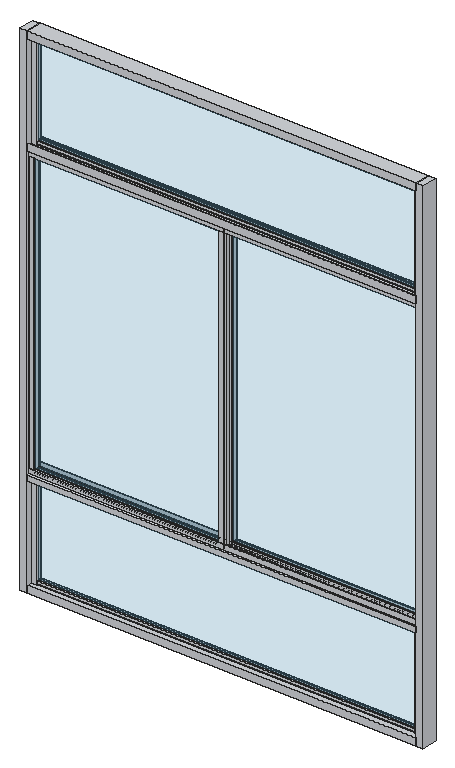
Revit family "MT-VMS_DB-SG_OX WITH HIGHTLITE-LOWLITE", category Windows, host Wall, Revit 2017 (continued)
Definition of nested family "VMS_DB-SG_OX_LOWLITE-HIGHLITE_101mm"
  Definition of nested family "VMS_DB-SG_GLAZED PANEL"
    Definition of nested family "VMS_VM66_SILL DETAIL_FINE"
      Lines and regions (mm)
        model lines, in view "Ref. Level"
          curve 82: line (11.948, 2.776, 0) -> (14.948, 2.776, 0)
          curve 83: line (14.948, 2.776, 0) -> (14.948, 2.4, 0)
          curve 84: line (15.248, 2.1, 0) -> (16.448, 2.1, 0)
          curve 85: line (16.448, 2.1, 0) -> (16.448, 0.8, 0)
          curve 86: line (16.448, 0.8, 0) -> (15.348, 0.8, 0)
          curve 87: line (15.348, 0, 0) -> (19.208, 0, 0)
          curve 88: line (19.508, 0.3, 0) -> (19.508, 0.9, 0)
          curve 89: line (19.208, 1.2, 0) -> (17.808, 1.2, 0)
          curve 90: line (17.508, 1.5, 0) -> (17.508, 3, 0)
          curve 91: line (17.208, 3.3, 0) -> (16.724, 3.3, 0)
          curve 92: line (16.424, 3.6, 0) -> (16.424, 4.7, 0)
          curve 93: line (16.724, 5, 0) -> (23.3, 5, 0)
          curve 94: line (23.6, 4.7, 0) -> (23.6, 0.3, 0)
          curve 95: line (23.9, 0, 0) -> (26.4, 0, 0)
          curve 96: line (26.9, 0.5, 0) -> (26.9, 2.1, 0)
          curve 97: line (26.1, 2.1, 0) -> (26.1, 1.2, 0)
          curve 98: line (26.1, 1.2, 0) -> (24.8, 1.2, 0)
          curve 99: line (24.8, 1.2, 0) -> (24.8, 6.8, 0)
          curve 100: line (24.8, 6.8, 0) -> (26.1, 6.8, 0)
          curve 101: line (26.1, 6.8, 0) -> (26.1, 5.9, 0)
          curve 102: line (26.9, 5.9, 0) -> (26.9, 13.679, 0)
          curve 103: line (26.9, 25.735, 0) -> (26.9, 27.112, 0)
          curve 104: line (26.1, 27.912, 0) -> (24.161, 27.912, 0)
          curve 105: line (23.779, 27.632, 0) -> (23.477, 26.672, 0)
          curve 106: line (23.667, 26.412, 0) -> (24.011, 26.412, 0)
          curve 107: line (24.169, 26.09, 0) -> (23.509, 25.234, 0)
          curve 108: line (23.667, 24.912, 0) -> (24.011, 24.912, 0)
          curve 109: line (24.169, 24.59, 0) -> (23.509, 23.734, 0)
          curve 110: line (23.667, 23.412, 0) -> (24.011, 23.412, 0)
          curve 111: line (24.169, 23.09, 0) -> (23.509, 22.234, 0)
          curve 112: line (23.667, 21.912, 0) -> (23.924, 21.912, 0)
          curve 113: line (24.831, 13.912, 0) -> (14.116, 13.912, 0)
          curve 114: line (13.833, 13.795, 0) -> (13.45, 13.412, 0)
          curve 115: line (13.45, 13.412, 0) -> (13.067, 13.795, 0)
          curve 116: line (12.784, 13.912, 0) -> (2.069, 13.912, 0)
          curve 117: line (2.976, 21.912, 0) -> (3.233, 21.912, 0)
          curve 118: line (3.391, 22.234, 0) -> (2.731, 23.09, 0)
          curve 119: line (2.889, 23.412, 0) -> (3.233, 23.412, 0)
          curve 120: line (3.391, 23.734, 0) -> (2.731, 24.59, 0)
          curve 121: line (2.889, 24.912, 0) -> (3.233, 24.912, 0)
          curve 122: line (3.391, 25.234, 0) -> (2.731, 26.09, 0)
          curve 123: line (2.889, 26.412, 0) -> (3.233, 26.412, 0)
          curve 124: line (3.423, 26.672, 0) -> (3.121, 27.632, 0)
          curve 125: line (2.739, 27.912, 0) -> (0.8, 27.912, 0)
          curve 126: line (0, 27.112, 0) -> (0, 25.735, 0)
          curve 127: line (0, 13.679, 0) -> (0, 5.9, 0)
          curve 128: line (0.8, 5.9, 0) -> (0.8, 6.8, 0)
          curve 129: line (0.8, 6.8, 0) -> (2.1, 6.8, 0)
          curve 130: line (2.1, 6.8, 0) -> (2.1, 1.2, 0)
          curve 131: line (2.1, 1.2, 0) -> (0.8, 1.2, 0)
          curve 132: line (0.8, 1.2, 0) -> (0.8, 2.1, 0)
          curve 133: line (0, 2.1, 0) -> (0, 0.5, 0)
          curve 134: line (0.5, 0, 0) -> (3, 0, 0)
          curve 135: line (3.3, 0.3, 0) -> (3.3, 4.7, 0)
          curve 136: line (3.6, 5, 0) -> (10.176, 5, 0)
          curve 137: line (10.476, 4.7, 0) -> (10.476, 3.6, 0)
          curve 138: line (10.176, 3.3, 0) -> (9.692, 3.3, 0)
          curve 139: line (9.392, 3, 0) -> (9.392, 1.5, 0)
          curve 140: line (9.092, 1.2, 0) -> (7.692, 1.2, 0)
          curve 141: line (7.392, 0.9, 0) -> (7.392, 0.3, 0)
          curve 142: line (7.692, 0, 0) -> (11.548, 0, 0)
          curve 143: line (13.065, 4.124, 0) -> (12.513, 3.976, 0)
          curve 144: line (12.513, 3.976, 0) -> (12.365, 4.529, 0)
          curve 145: line (11.996, 5.14, 0) -> (11.576, 5.6, 0)
          curve 146: line (11.576, 5.6, 0) -> (11.996, 6.06, 0)
          curve 147: line (11.992, 7.426, 0) -> (11.154, 7.426, 0)
          curve 148: line (10.261, 6.2, 0) -> (3.6, 6.2, 0)
          curve 149: line (3.3, 6.5, 0) -> (3.3, 8, 0)
          curve 150: line (3.1, 8.2, 0) -> (1.4, 8.2, 0)
          curve 151: line (1.2, 8.4, 0) -> (1.2, 12.312, 0)
          curve 152: line (1.4, 12.512, 0) -> (25.5, 12.512, 0)
          curve 153: line (25.7, 12.312, 0) -> (25.7, 8.4, 0)
          curve 154: line (25.5, 8.2, 0) -> (23.8, 8.2, 0)
          curve 155: line (23.6, 8, 0) -> (23.6, 6.5, 0)
          curve 156: line (23.3, 6.2, 0) -> (16.639, 6.2, 0)
          curve 157: line (15.746, 7.426, 0) -> (14.908, 7.426, 0)
          curve 158: line (14.904, 6.06, 0) -> (15.324, 5.6, 0)
          curve 159: line (15.324, 5.6, 0) -> (14.904, 5.14, 0)
          curve 160: line (14.535, 4.529, 0) -> (14.387, 3.976, 0)
          curve 161: line (14.387, 3.976, 0) -> (13.835, 4.124, 0)
    Definition of nested family "VMS_VM66_SILL DETAIL_MEDIUM"
      Reference planes
        plane 1 "Center (Front/Back)": y = 0
        plane 2: z = 0
        plane 3 "Center (Left/Right)": x = 0
      Lines and regions (mm)
        model lines, in view "Ref. Level"
          curve 1: line (1.2, 5, 0) -> (25.7, 5, 0)
          curve 2: line (0, 0, 0) -> (26.9, 0, 0)
          curve 3: line (25.7, 1.2, 0) -> (1.2, 1.2, 0)
          curve 4: line (26.9, 0, 0) -> (26.9, 27.912, 0)
          curve 5: line (26.9, 27.912, 0) -> (25.7, 27.912, 0)
          curve 6: line (25.7, 13.912, 0) -> (1.2, 13.912, 0)
          curve 7: line (1.2, 27.912, 0) -> (0, 27.912, 0)
          curve 8: line (0, 27.112, 0) -> (0, 25.735, 0)
          curve 9: line (0, 27.912, 0) -> (0, 0, 0)
          curve 10: line (1.2, 1.2, 0) -> (1.2, 5, 0)
          curve 11: line (1.2, 12.512, 0) -> (25.7, 12.512, 0)
          curve 12: line (25.7, 27.912, 0) -> (25.7, 13.912, 0)
          curve 13: line (25.7, 6.2, 0) -> (1.2, 6.2, 0)
          curve 14: line (1.2, 13.912, 0) -> (1.2, 27.912, 0)
          curve 15: line (25.7, 12.512, 0) -> (25.7, 6.2, 0)
          curve 16: line (25.7, 5, 0) -> (25.7, 1.2, 0)
          curve 17: line (1.2, 6.2, 0) -> (1.2, 12.512, 0)
  Definition of nested family "VMS_VM11_SILL DETAIL_FINE"
    Reference planes
      plane 1 "Center (Front/Back)": y = 0
      plane 2: z = 0
      plane 3 "Center (Left/Right)": x = 0
    Lines and regions (mm)
      model lines, in view "Ref. Level"
        curve 1: arc (-6.776, -5.512, 0) -> (-6.841, -5.609, 0) -> (-6.864, -5.724, 0) r 0.3
        curve 2: arc (-5.466, -8.225, 0) -> (-5.192, -8.5, 0) -> (-4.817, -8.6, 0) r 0.75
        curve 3: arc (-4.817, -8.6, 0) -> (-4.167, -8.225, 0) -> (-4.167, -7.475, 0) r 0.75
        curve 4: arc (-4.864, -2.2, 0) -> (-4.571, -1.493, 0) -> (-3.864, -1.2, 0) r 1
        curve 5: arc (5.464, -1.2, 0) -> (6.171, -1.493, 0) -> (6.464, -2.2, 0) r 1
        curve 6: arc (5.767, -7.475, 0) -> (5.767, -8.225, 0) -> (6.417, -8.6, 0) r 0.75
        curve 7: arc (6.417, -8.6, 0) -> (6.792, -8.5, 0) -> (7.066, -8.225, 0) r 0.75
        curve 8: arc (8.464, -5.724, 0) -> (8.441, -5.609, 0) -> (8.376, -5.512, 0) r 0.3
        curve 9: arc (8.864, -2.1, 0) -> (8.951, -2.312, 0) -> (9.164, -2.4, 0) r 0.3
        curve 10: arc (9.55, -2.4, 0) -> (9.904, -2.254, 0) -> (10.05, -1.9, 0) r 0.5
        curve 11: arc (33.2, 0, 0) -> (33.412, 0.088, 0) -> (33.5, 0.3, 0) r 0.3
        curve 12: arc (33.5, 29.412, 0) -> (33.412, 29.624, 0) -> (33.2, 29.712, 0) r 0.3
        curve 13: arc (31.8, 29.712, 0) -> (31.588, 29.624, 0) -> (31.5, 29.412, 0) r 0.3
        curve 14: arc (31.5, 2.1, 0) -> (31.412, 1.888, 0) -> (31.2, 1.8, 0) r 0.3
        curve 15: arc (8.85, 1.8, 0) -> (8.638, 1.712, 0) -> (8.55, 1.5, 0) r 0.3
        curve 16: arc (8.55, 0.3, 0) -> (8.462, 0.088, 0) -> (8.25, 0, 0) r 0.3
        curve 17: arc (1.9, 0, 0) -> (1.688, 0.088, 0) -> (1.6, 0.3, 0) r 0.3
        curve 18: arc (1.6, 29.412, 0) -> (1.512, 29.624, 0) -> (1.3, 29.712, 0) r 0.3
        curve 19: arc (0.3, 29.712, 0) -> (0.088, 29.624, 0) -> (0, 29.412, 0) r 0.3
        curve 20: arc (0, 0.3, 0) -> (-0.088, 0.088, 0) -> (-0.3, 0, 0) r 0.3
        curve 21: arc (-8.15, 0, 0) -> (-8.362, -0.088, 0) -> (-8.45, -0.3, 0) r 0.3
        curve 22: arc (-8.45, -1.9, 0) -> (-8.304, -2.254, 0) -> (-7.95, -2.4, 0) r 0.5
        curve 23: arc (-7.564, -2.4, 0) -> (-7.351, -2.312, 0) -> (-7.264, -2.1, 0) r 0.3
        curve 24: line (-7.264, -2.1, 0) -> (-7.264, -1.5, 0)
        curve 25: line (-7.264, -1.5, 0) -> (-6.364, -1.5, 0)
        curve 26: line (-6.364, -1.5, 0) -> (-6.364, -5.1, 0)
        curve 27: line (-6.364, -5.1, 0) -> (-6.776, -5.512, 0)
        curve 28: line (-6.823, -5.874, 0) -> (-5.466, -8.225, 0)
        curve 29: line (-4.167, -7.475, 0) -> (-4.864, -6.269, 0)
        curve 30: line (-4.864, -6.269, 0) -> (-4.864, -2.2, 0)
        curve 31: line (-3.864, -1.2, 0) -> (5.464, -1.2, 0)
        curve 32: line (6.464, -2.2, 0) -> (6.464, -6.269, 0)
        curve 33: line (6.464, -6.269, 0) -> (5.767, -7.475, 0)
        curve 34: line (7.066, -8.225, 0) -> (8.423, -5.874, 0)
        curve 35: line (8.376, -5.512, 0) -> (7.964, -5.1, 0)
        curve 36: line (7.964, -5.1, 0) -> (7.964, -1.2, 0)
        curve 37: line (7.964, -1.2, 0) -> (8.864, -1.2, 0)
        curve 38: line (8.864, -1.2, 0) -> (8.864, -2.1, 0)
        curve 39: line (9.164, -2.4, 0) -> (9.55, -2.4, 0)
        curve 40: line (10.05, -1.9, 0) -> (10.05, 0, 0)
        curve 41: line (10.05, 0, 0) -> (33.2, 0, 0)
        curve 42: line (33.5, 0.3, 0) -> (33.5, 29.412, 0)
        curve 43: line (33.2, 29.712, 0) -> (31.8, 29.712, 0)
        curve 44: line (31.5, 29.412, 0) -> (31.5, 2.1, 0)
        curve 45: line (31.2, 1.8, 0) -> (8.85, 1.8, 0)
        curve 46: line (8.55, 1.5, 0) -> (8.55, 0.3, 0)
        curve 47: line (8.25, 0, 0) -> (1.9, 0, 0)
        curve 48: line (1.6, 0.3, 0) -> (1.6, 29.412, 0)
        curve 49: line (1.3, 29.712, 0) -> (0.3, 29.712, 0)
        curve 50: line (0, 29.412, 0) -> (0, 0.3, 0)
        curve 51: line (-0.3, 0, 0) -> (-8.15, 0, 0)
        curve 52: line (-8.45, -0.3, 0) -> (-8.45, -1.9, 0)
        curve 53: line (-7.95, -2.4, 0) -> (-7.564, -2.4, 0)
  Definition of nested family "MAIN FRAME 101.6MM_MEDIUM"
    Reference planes
      plane 1 "Center (Front/Back)": y = 0
      plane 2: z = 0
      plane 3 "Center (Left/Right)": x = 0
    Lines and regions (mm)
      detail lines, in view "Ref. Level"
        curve 1: line (0, 0, 0) -> (45, 0, 0)
        curve 2: line (45, 0, 0) -> (45, -101.6, 0)
        curve 3: line (45, -101.6, 0) -> (0, -101.6, 0)
        curve 4: line (0, 0, 0) -> (0, -1.8, 0)
        curve 5: line (0, -1.8, 0) -> (43.2, -1.8, 0)
        curve 6: line (43.2, -99.8, 0) -> (43.2, -1.8, 0)
        curve 7: line (0, -99.8, 0) -> (43.2, -99.8, 0)
        curve 8: line (0, -99.8, 0) -> (0, -101.6, 0)
  Definition of nested family "AS1C CAVITY MAIN FRAME"
    Reference planes
      plane 1 "Center (Front/Back)": y = 0
      plane 2: z = 0
      plane 3 "Center (Left/Right)": x = 0
    Lines and regions (mm)
      model lines, in view "Ref. Level"
        curve 1: arc (-2.984, -11.197, 0) -> (-3.4, -10.881, 0) -> (-3.881, -10.679, 0) r 2.1
        curve 2: arc (-3.881, -10.679, 0) -> (-3.998, -10.629, 0) -> (-4.099, -10.551, 0) r 0.5
        curve 3: arc (-4.801, -10.551, 0) -> (-4.902, -10.629, 0) -> (-5.019, -10.679, 0) r 0.5
        curve 4: arc (-5.019, -10.679, 0) -> (-5.414, -10.834, 0) -> (-5.769, -11.066, 0) r 2.1
        curve 5: arc (-5.769, -11.066, 0) -> (-6.765, -11.183, 0) -> (-7.3, -10.335, 0) r 0.94
        curve 6: arc (-7.3, -10.05, 0) -> (-6.949, -9.201, 0) -> (-6.1, -8.85, 0) r 1.2
        curve 7: arc (-3.1, -8.85, 0) -> (-2.534, -8.616, 0) -> (-2.3, -8.05, 0) r 0.8
        curve 8: arc (-2.3, -3.3, 0) -> (-2.739, -2.239, 0) -> (-3.8, -1.8, 0) r 1.5
        curve 9: arc (-39.7, -1.8, 0) -> (-40.761, -2.239, 0) -> (-41.2, -3.3, 0) r 1.5
        curve 10: arc (-41.2, -8, 0) -> (-41.95, -8.75, 0) -> (-42.7, -8, 0) r 0.75
        curve 11: arc (-44.148, -5.393, 0) -> (-44.322, -5.359, 0) -> (-44.4, -5.2, 0) r 0.2
        curve 12: arc (-4.496, -43.536, 0) -> (-4.895, -43.42, 0) -> (-4.976, -43.013, 0) r 0.4
        curve 13: arc (-3.605, -39.246, 0) -> (-3.686, -38.839, 0) -> (-4.084, -38.723, 0) r 0.4
        curve 14: arc (-10.184, -40.357, 0) -> (-10.372, -40.509, 0) -> (-10.388, -40.75, 0) r 0.3
        curve 15: arc (-9.572, -42.992, 0) -> (-9.628, -43.369, 0) -> (-9.974, -43.528, 0) r 0.4
        curve 16: arc (-10.966, -43.462, 0) -> (-11.63, -43.147, 0) -> (-11.9, -42.464, 0) r 1
        curve 17: arc (-11.9, -41.208, 0) -> (-12.017, -40.97, 0) -> (-12.278, -40.918, 0) r 0.3
        curve 18: arc (-15.8, -44.396, 0) -> (-16.2, -44.396, 0) -> (-16.4, -44.05, 0) r 0.4
        curve 19: arc (-19.3, -50.043, 0) -> (-19.338, -50.234, 0) -> (-19.446, -50.396, 0) r 0.5
        curve 20: arc (-19.446, -51.204, 0) -> (-19.338, -51.366, 0) -> (-19.3, -51.557, 0) r 0.5
        curve 21: arc (-16.4, -57.55, 0) -> (-16.2, -57.204, 0) -> (-15.8, -57.204, 0) r 0.4
        curve 22: arc (-12.278, -60.682, 0) -> (-12.017, -60.63, 0) -> (-11.9, -60.392, 0) r 0.3
        curve 23: arc (-11.9, -59.136, 0) -> (-11.63, -58.453, 0) -> (-10.966, -58.138, 0) r 1
        curve 24: arc (-9.974, -58.072, 0) -> (-9.628, -58.231, 0) -> (-9.572, -58.608, 0) r 0.4
        curve 25: arc (-10.388, -60.85, 0) -> (-10.372, -61.091, 0) -> (-10.184, -61.243, 0) r 0.3
        curve 26: arc (-4.084, -62.877, 0) -> (-3.686, -62.761, 0) -> (-3.605, -62.354, 0) r 0.4
        curve 27: arc (-4.976, -58.587, 0) -> (-4.895, -58.18, 0) -> (-4.496, -58.064, 0) r 0.4
        curve 28: arc (-44.4, -96.4, 0) -> (-44.322, -96.241, 0) -> (-44.148, -96.207, 0) r 0.2
        curve 29: arc (-42.7, -93.6, 0) -> (-41.95, -92.85, 0) -> (-41.2, -93.6, 0) r 0.75
        curve 30: arc (-41.2, -98.3, 0) -> (-40.761, -99.361, 0) -> (-39.7, -99.8, 0) r 1.5
        curve 31: arc (-3.8, -99.8, 0) -> (-2.739, -99.361, 0) -> (-2.3, -98.3, 0) r 1.5
        curve 32: arc (-2.3, -93.15, 0) -> (-2.417, -92.867, 0) -> (-2.7, -92.75, 0) r 0.4
        curve 33: arc (-6.1, -92.75, 0) -> (-6.949, -92.399, 0) -> (-7.3, -91.55, 0) r 1.2
        curve 34: arc (-7.3, -91.265, 0) -> (-6.765, -90.417, 0) -> (-5.769, -90.534, 0) r 0.94
        curve 35: arc (-5.769, -90.534, 0) -> (-5.414, -90.766, 0) -> (-5.019, -90.921, 0) r 2.1
        curve 36: arc (-5.019, -90.921, 0) -> (-4.902, -90.971, 0) -> (-4.801, -91.049, 0) r 0.5
        curve 37: arc (-4.099, -91.049, 0) -> (-3.998, -90.971, 0) -> (-3.881, -90.921, 0) r 0.5
        curve 38: arc (-3.881, -90.921, 0) -> (-3.4, -90.719, 0) -> (-2.984, -90.403, 0) r 2.1
        curve 39: arc (-2.984, -90.403, 0) -> (-2.882, -90.327, 0) -> (-2.764, -90.278, 0) r 0.5
        curve 40: arc (-2.413, -89.671, 0) -> (-2.43, -89.545, 0) -> (-2.415, -89.418, 0) r 0.5
        curve 41: arc (-2.415, -89.418, 0) -> (-2.35, -88.9, 0) -> (-2.415, -88.382, 0) r 2.1
        curve 42: arc (-2.415, -88.382, 0) -> (-2.43, -88.255, 0) -> (-2.413, -88.129, 0) r 0.5
        curve 43: arc (-2.764, -87.522, 0) -> (-2.882, -87.473, 0) -> (-2.984, -87.397, 0) r 0.5
        curve 44: arc (-2.984, -87.397, 0) -> (-3.4, -87.081, 0) -> (-3.881, -86.879, 0) r 2.1
        curve 45: arc (-3.881, -86.879, 0) -> (-3.998, -86.829, 0) -> (-4.099, -86.751, 0) r 0.5
        curve 46: arc (-4.801, -86.751, 0) -> (-4.902, -86.829, 0) -> (-5.019, -86.879, 0) r 0.5
        curve 47: arc (-5.019, -86.879, 0) -> (-5.414, -87.034, 0) -> (-5.769, -87.266, 0) r 2.1
        curve 48: arc (-5.769, -87.266, 0) -> (-6.765, -87.383, 0) -> (-7.3, -86.535, 0) r 0.94
        curve 49: arc (-7.3, -86.25, 0) -> (-6.949, -85.401, 0) -> (-6.1, -85.05, 0) r 1.2
        curve 50: arc (-2.5, -85.05, 0) -> (-2.217, -84.933, 0) -> (-2.1, -84.65, 0) r 0.4
        curve 51: arc (-2.1, -66.37, 0) -> (-2.451, -65.335, 0) -> (-3.36, -64.728, 0) r 1.7
        curve 52: arc (-19.936, -60.286, 0) -> (-20.631, -59.822, 0) -> (-20.9, -59.03, 0) r 1.3
        curve 53: arc (-20.9, -42.57, 0) -> (-20.631, -41.778, 0) -> (-19.936, -41.314, 0) r 1.3
        curve 54: arc (-3.36, -36.872, 0) -> (-2.451, -36.265, 0) -> (-2.1, -35.23, 0) r 1.7
        curve 55: arc (-2.1, -17.35, 0) -> (-2.334, -16.784, 0) -> (-2.9, -16.55, 0) r 0.8
        curve 56: arc (-6.1, -16.55, 0) -> (-6.949, -16.199, 0) -> (-7.3, -15.35, 0) r 1.2
        curve 57: arc (-7.3, -15.065, 0) -> (-6.765, -14.217, 0) -> (-5.769, -14.334, 0) r 0.94
        curve 58: arc (-5.769, -14.334, 0) -> (-5.414, -14.566, 0) -> (-5.019, -14.721, 0) r 2.1
        curve 59: arc (-5.019, -14.721, 0) -> (-4.902, -14.771, 0) -> (-4.801, -14.849, 0) r 0.5
        curve 60: arc (-4.099, -14.849, 0) -> (-3.998, -14.771, 0) -> (-3.881, -14.721, 0) r 0.5
        curve 61: arc (-3.881, -14.721, 0) -> (-3.4, -14.519, 0) -> (-2.984, -14.203, 0) r 2.1
        curve 62: arc (-2.984, -14.203, 0) -> (-2.882, -14.127, 0) -> (-2.764, -14.078, 0) r 0.5
        curve 63: arc (-2.413, -13.471, 0) -> (-2.43, -13.345, 0) -> (-2.415, -13.218, 0) r 0.5
        curve 64: arc (-2.415, -13.218, 0) -> (-2.35, -12.7, 0) -> (-2.415, -12.182, 0) r 2.1
        curve 65: arc (-2.415, -12.182, 0) -> (-2.43, -12.055, 0) -> (-2.413, -11.929, 0) r 0.5
        curve 66: line (-4.099, -10.551, 0) -> (-4.45, -10.2, 0)
        curve 67: line (-4.45, -10.2, 0) -> (-4.801, -10.551, 0)
        curve 68: line (-7.3, -10.335, 0) -> (-7.3, -10.05, 0)
        curve 69: line (-6.1, -8.85, 0) -> (-3.1, -8.85, 0)
        curve 70: line (-2.3, -8.05, 0) -> (-2.3, -3.3, 0)
        curve 71: line (-3.8, -1.8, 0) -> (-39.7, -1.8, 0)
        curve 72: line (-41.2, -3.3, 0) -> (-41.2, -8, 0)
        curve 73: line (-42.7, -8, 0) -> (-42.7, -5.005, 0)
        curve 74: line (-42.7, -5.005, 0) -> (-44.148, -5.393, 0)
        curve 75: line (-44.4, -5.2, 0) -> (-44.4, 0, 0)
        curve 76: line (-44.4, 0, 0) -> (0, 0, 0)
        curve 77: line (0, 0, 0) -> (0, -41.4, 0)
        curve 78: line (0, -41.4, 0) -> (-2.4, -41.4, 0)
        curve 79: line (-2.4, -41.4, 0) -> (-2.4, -42.975, 0)
        curve 80: line (-2.4, -42.975, 0) -> (-4.496, -43.536, 0)
        curve 81: line (-4.976, -43.013, 0) -> (-3.605, -39.246, 0)
        curve 82: line (-4.084, -38.723, 0) -> (-10.184, -40.357, 0)
        curve 83: line (-10.388, -40.75, 0) -> (-9.572, -42.992, 0)
        curve 84: line (-9.974, -43.528, 0) -> (-10.966, -43.462, 0)
        curve 85: line (-11.9, -42.464, 0) -> (-11.9, -41.208, 0)
        curve 86: line (-12.278, -40.918, 0) -> (-14.6, -41.541, 0)
        curve 87: line (-14.6, -41.541, 0) -> (-14.6, -43.704, 0)
        curve 88: line (-14.6, -43.704, 0) -> (-15.8, -44.396, 0)
        curve 89: line (-16.4, -44.05, 0) -> (-16.4, -42.023, 0)
        curve 90: line (-16.4, -42.023, 0) -> (-19.3, -42.8, 0)
        curve 91: line (-19.3, -42.8, 0) -> (-19.3, -50.043, 0)
        curve 92: line (-19.446, -50.396, 0) -> (-19.6, -50.55, 0)
        curve 93: line (-19.6, -50.55, 0) -> (-19.6, -51.05, 0)
        curve 94: line (-19.6, -51.05, 0) -> (-19.446, -51.204, 0)
        curve 95: line (-19.3, -51.557, 0) -> (-19.3, -58.8, 0)
        curve 96: line (-19.3, -58.8, 0) -> (-16.4, -59.577, 0)
        curve 97: line (-16.4, -59.577, 0) -> (-16.4, -57.55, 0)
        curve 98: line (-15.8, -57.204, 0) -> (-14.6, -57.896, 0)
        curve 99: line (-14.6, -57.896, 0) -> (-14.6, -60.059, 0)
        curve 100: line (-14.6, -60.059, 0) -> (-12.278, -60.682, 0)
        curve 101: line (-11.9, -60.392, 0) -> (-11.9, -59.136, 0)
        curve 102: line (-10.966, -58.138, 0) -> (-9.974, -58.072, 0)
        curve 103: line (-9.572, -58.608, 0) -> (-10.388, -60.85, 0)
        curve 104: line (-10.184, -61.243, 0) -> (-4.084, -62.877, 0)
        curve 105: line (-3.605, -62.354, 0) -> (-4.976, -58.587, 0)
        curve 106: line (-4.496, -58.064, 0) -> (-2.4, -58.625, 0)
        curve 107: line (-2.4, -58.625, 0) -> (-2.4, -60.2, 0)
        curve 108: line (-2.4, -60.2, 0) -> (0, -60.2, 0)
        curve 109: line (0, -60.2, 0) -> (0, -101.6, 0)
        curve 110: line (0, -101.6, 0) -> (-44.4, -101.6, 0)
        curve 111: line (-44.4, -101.6, 0) -> (-44.4, -96.4, 0)
        curve 112: line (-44.148, -96.207, 0) -> (-42.7, -96.595, 0)
        curve 113: line (-42.7, -96.595, 0) -> (-42.7, -93.6, 0)
        curve 114: line (-41.2, -93.6, 0) -> (-41.2, -98.3, 0)
        curve 115: line (-39.7, -99.8, 0) -> (-3.8, -99.8, 0)
        curve 116: line (-2.3, -98.3, 0) -> (-2.3, -93.15, 0)
        curve 117: line (-2.7, -92.75, 0) -> (-6.1, -92.75, 0)
        curve 118: line (-7.3, -91.55, 0) -> (-7.3, -91.265, 0)
        curve 119: line (-4.801, -91.049, 0) -> (-4.45, -91.4, 0)
        curve 120: line (-4.45, -91.4, 0) -> (-4.099, -91.049, 0)
        curve 121: line (-2.764, -90.278, 0) -> (-2.285, -90.15, 0)
        curve 122: line (-2.285, -90.15, 0) -> (-2.413, -89.671, 0)
        curve 123: line (-2.413, -88.129, 0) -> (-2.285, -87.65, 0)
        curve 124: line (-2.285, -87.65, 0) -> (-2.764, -87.522, 0)
        curve 125: line (-4.099, -86.751, 0) -> (-4.45, -86.4, 0)
        curve 126: line (-4.45, -86.4, 0) -> (-4.801, -86.751, 0)
        curve 127: line (-7.3, -86.535, 0) -> (-7.3, -86.25, 0)
        curve 128: line (-6.1, -85.05, 0) -> (-2.5, -85.05, 0)
        curve 129: line (-2.1, -84.65, 0) -> (-2.1, -80.4, 0)
        curve 130: line (-2.1, -80.4, 0) -> (-2.4, -80.4, 0)
        curve 131: line (-2.4, -80.4, 0) -> (-2.4, -67.3, 0)
        curve 132: line (-2.4, -67.3, 0) -> (-2.1, -67.3, 0)
        curve 133: line (-2.1, -67.3, 0) -> (-2.1, -66.37, 0)
        curve 134: line (-3.36, -64.728, 0) -> (-19.936, -60.286, 0)
        curve 135: line (-20.9, -59.03, 0) -> (-20.9, -50.8, 0)
        curve 136: line (-20.9, -50.8, 0) -> (-20.9, -42.57, 0)
        curve 137: line (-19.936, -41.314, 0) -> (-3.36, -36.872, 0)
        curve 138: line (-2.1, -35.23, 0) -> (-2.1, -34.3, 0)
        curve 139: line (-2.1, -34.3, 0) -> (-2.4, -34.3, 0)
        curve 140: line (-2.4, -34.3, 0) -> (-2.4, -21.2, 0)
        curve 141: line (-2.4, -21.2, 0) -> (-2.1, -21.2, 0)
        curve 142: line (-2.1, -21.2, 0) -> (-2.1, -17.35, 0)
        curve 143: line (-2.9, -16.55, 0) -> (-6.1, -16.55, 0)
        curve 144: line (-7.3, -15.35, 0) -> (-7.3, -15.065, 0)
        curve 145: line (-4.801, -14.849, 0) -> (-4.45, -15.2, 0)
        curve 146: line (-4.45, -15.2, 0) -> (-4.099, -14.849, 0)
        curve 147: line (-2.764, -14.078, 0) -> (-2.285, -13.95, 0)
        curve 148: line (-2.285, -13.95, 0) -> (-2.413, -13.471, 0)
        curve 149: line (-2.413, -11.929, 0) -> (-2.285, -11.45, 0)
        curve 150: line (-2.285, -11.45, 0) -> (-2.764, -11.322, 0)
        curve 151: arc (-2.764, -11.322, 0) -> (-2.882, -11.273, 0) -> (-2.984, -11.197, 0) r 0.5
  Definition of nested family "VMS_VM8_HEAD DETAIL_FINE"
    Reference planes
      plane 1 "Center (Front/Back)": y = 0
      plane 2: z = 0
      plane 3 "Center (Left/Right)": x = 0
    Lines and regions (mm)
      model lines, in view "Ref. Level"
        curve 1: arc (50, -27.1, 0) -> (49.414, -25.686, 0) -> (48, -25.1, 0) r 2
        curve 2: arc (3.8, -25.1, 0) -> (2.386, -25.686, 0) -> (1.8, -27.1, 0) r 2
        curve 3: arc (1.8, -41.8, 0) -> (2.034, -42.366, 0) -> (2.6, -42.6, 0) r 0.8
        curve 4: arc (8.71, -42.6, 0) -> (8.973, -42.444, 0) -> (8.963, -42.139, 0) r 0.3
        curve 5: arc (8.963, -42.139, 0) -> (8.438, -39.576, 0) -> (9.754, -37.315, 0) r 3.67
        curve 6: arc (9.754, -37.315, 0) -> (11.002, -37.382, 0) -> (11.067, -38.629, 0) r 0.934
        curve 7: arc (11.067, -38.629, 0) -> (10.819, -39.017, 0) -> (10.661, -39.448, 0) r 2.1
        curve 8: arc (10.661, -40.452, 0) -> (10.881, -41, 0) -> (11.246, -41.465, 0) r 2.1
        curve 9: arc (12.115, -41.967, 0) -> (12.7, -42.05, 0) -> (13.285, -41.967, 0) r 2.1
        curve 10: arc (14.154, -41.465, 0) -> (14.519, -41, 0) -> (14.739, -40.452, 0) r 2.1
        curve 11: arc (14.739, -39.448, 0) -> (14.581, -39.017, 0) -> (14.333, -38.629, 0) r 2.1
        curve 12: arc (14.333, -38.629, 0) -> (14.398, -37.382, 0) -> (15.646, -37.315, 0) r 0.934
        curve 13: arc (15.646, -37.315, 0) -> (16.962, -39.576, 0) -> (16.437, -42.139, 0) r 3.67
        curve 14: arc (16.437, -42.139, 0) -> (16.427, -42.444, 0) -> (16.69, -42.6, 0) r 0.3
        curve 15: arc (19.8, -42.6, 0) -> (20.012, -42.688, 0) -> (20.1, -42.9, 0) r 0.3
        curve 16: arc (20.1, -67.7, 0) -> (20.012, -67.912, 0) -> (19.8, -68, 0) r 0.3
        curve 17: arc (18.6, -68, 0) -> (18.388, -67.912, 0) -> (18.3, -67.7, 0) r 0.3
        curve 18: arc (0.5, -44.4, 0) -> (0.146, -44.254, 0) -> (0, -43.9, 0) r 0.5
        curve 19: arc (0, -0.5, 0) -> (0.146, -0.146, 0) -> (0.5, 0, 0) r 0.5
        curve 20: arc (5.2, 0, 0) -> (5.359, -0.078, 0) -> (5.393, -0.252, 0) r 0.2
        curve 21: arc (8, -1.7, 0) -> (8.75, -2.45, 0) -> (8, -3.2, 0) r 0.75
        curve 22: arc (2.6, -3.2, 0) -> (2.034, -3.434, 0) -> (1.8, -4, 0) r 0.8
        curve 23: arc (1.8, -23, 0) -> (1.888, -23.212, 0) -> (2.1, -23.3, 0) r 0.3
        curve 24: arc (49.241, -23.3, 0) -> (49.391, -23.26, 0) -> (49.501, -23.15, 0) r 0.3
        curve 25: arc (49.501, -23.15, 0) -> (49.761, -23, 0) -> (50.021, -23.15, 0) r 0.3
        curve 26: arc (50.021, -23.15, 0) -> (50.28, -23.3, 0) -> (50.54, -23.15, 0) r 0.3
        curve 27: arc (50.54, -23.15, 0) -> (50.8, -23, 0) -> (51.06, -23.15, 0) r 0.3
        curve 28: arc (51.06, -23.15, 0) -> (51.32, -23.3, 0) -> (51.579, -23.15, 0) r 0.3
        curve 29: arc (51.579, -23.15, 0) -> (51.839, -23, 0) -> (52.099, -23.15, 0) r 0.3
        curve 30: arc (52.099, -23.15, 0) -> (52.209, -23.26, 0) -> (52.359, -23.3, 0) r 0.3
        curve 31: arc (99.5, -23.3, 0) -> (99.712, -23.212, 0) -> (99.8, -23, 0) r 0.3
        curve 32: arc (99.8, -4, 0) -> (99.566, -3.434, 0) -> (99, -3.2, 0) r 0.8
        curve 33: arc (93.6, -3.2, 0) -> (92.85, -2.45, 0) -> (93.6, -1.7, 0) r 0.75
        curve 34: arc (96.207, -0.252, 0) -> (96.241, -0.078, 0) -> (96.4, 0, 0) r 0.2
        curve 35: arc (101.1, 0, 0) -> (101.454, -0.146, 0) -> (101.6, -0.5, 0) r 0.5
        curve 36: arc (101.6, -43.9, 0) -> (101.454, -44.254, 0) -> (101.1, -44.4, 0) r 0.5
        curve 37: arc (83.3, -67.7, 0) -> (83.212, -67.912, 0) -> (83, -68, 0) r 0.3
        curve 38: arc (81.8, -68, 0) -> (81.588, -67.912, 0) -> (81.5, -67.7, 0) r 0.3
        curve 39: arc (81.5, -42.9, 0) -> (81.588, -42.688, 0) -> (81.8, -42.6, 0) r 0.3
        curve 40: arc (84.91, -42.6, 0) -> (85.173, -42.444, 0) -> (85.163, -42.139, 0) r 0.3
        curve 41: arc (85.163, -42.139, 0) -> (84.638, -39.576, 0) -> (85.954, -37.315, 0) r 3.67
        curve 42: arc (85.954, -37.315, 0) -> (87.202, -37.382, 0) -> (87.267, -38.629, 0) r 0.934
        curve 43: arc (87.267, -38.629, 0) -> (87.019, -39.017, 0) -> (86.861, -39.448, 0) r 2.1
        curve 44: arc (86.861, -40.452, 0) -> (87.081, -41, 0) -> (87.446, -41.465, 0) r 2.1
        curve 45: arc (88.315, -41.967, 0) -> (88.9, -42.05, 0) -> (89.485, -41.967, 0) r 2.1
        curve 46: arc (90.354, -41.465, 0) -> (90.719, -41, 0) -> (90.939, -40.452, 0) r 2.1
        curve 47: arc (90.939, -39.448, 0) -> (90.781, -39.017, 0) -> (90.533, -38.629, 0) r 2.1
        curve 48: arc (90.533, -38.629, 0) -> (90.598, -37.382, 0) -> (91.846, -37.315, 0) r 0.934
        curve 49: arc (91.846, -37.315, 0) -> (93.162, -39.576, 0) -> (92.637, -42.139, 0) r 3.67
        curve 50: arc (92.637, -42.139, 0) -> (92.627, -42.444, 0) -> (92.89, -42.6, 0) r 0.3
        curve 51: arc (99, -42.6, 0) -> (99.566, -42.366, 0) -> (99.8, -41.8, 0) r 0.8
        curve 52: arc (99.8, -27.1, 0) -> (99.214, -25.686, 0) -> (97.8, -25.1, 0) r 2
        curve 53: arc (53.6, -25.1, 0) -> (52.186, -25.686, 0) -> (51.6, -27.1, 0) r 2
        curve 54: arc (51.6, -67.7, 0) -> (51.512, -67.912, 0) -> (51.3, -68, 0) r 0.3
        curve 55: line (50, -67.7, 0) -> (50, -27.1, 0)
        curve 56: line (48, -25.1, 0) -> (3.8, -25.1, 0)
        curve 57: line (1.8, -27.1, 0) -> (1.8, -41.8, 0)
        curve 58: line (2.6, -42.6, 0) -> (8.71, -42.6, 0)
        curve 59: line (10.608, -39.542, 0) -> (10.2, -39.95, 0)
        curve 60: line (10.2, -39.95, 0) -> (10.608, -40.358, 0)
        curve 61: line (11.301, -41.558, 0) -> (11.45, -42.115, 0)
        curve 62: line (11.45, -42.115, 0) -> (12.007, -41.966, 0)
        curve 63: line (13.393, -41.966, 0) -> (13.95, -42.115, 0)
        curve 64: line (13.95, -42.115, 0) -> (14.099, -41.558, 0)
        curve 65: line (14.792, -40.358, 0) -> (15.2, -39.95, 0)
        curve 66: line (15.2, -39.95, 0) -> (14.792, -39.542, 0)
        curve 67: line (16.69, -42.6, 0) -> (19.8, -42.6, 0)
        curve 68: line (20.1, -42.9, 0) -> (20.1, -67.7, 0)
        curve 69: line (19.8, -68, 0) -> (18.6, -68, 0)
        curve 70: line (18.3, -67.7, 0) -> (18.3, -44.4, 0)
        curve 71: line (18.3, -44.4, 0) -> (0.5, -44.4, 0)
        curve 72: line (0, -43.9, 0) -> (0, -0.5, 0)
        curve 73: line (0.5, 0, 0) -> (5.2, 0, 0)
        curve 74: line (5.393, -0.252, 0) -> (5.005, -1.7, 0)
        curve 75: line (5.005, -1.7, 0) -> (8, -1.7, 0)
        curve 76: line (8, -3.2, 0) -> (2.6, -3.2, 0)
        curve 77: line (1.8, -4, 0) -> (1.8, -23, 0)
        curve 78: line (2.1, -23.3, 0) -> (49.241, -23.3, 0)
        curve 79: line (52.359, -23.3, 0) -> (99.5, -23.3, 0)
        curve 80: line (99.8, -23, 0) -> (99.8, -4, 0)
        curve 81: line (99, -3.2, 0) -> (93.6, -3.2, 0)
        curve 82: line (93.6, -1.7, 0) -> (96.595, -1.7, 0)
        curve 83: line (96.595, -1.7, 0) -> (96.207, -0.252, 0)
        curve 84: line (96.4, 0, 0) -> (101.1, 0, 0)
        curve 85: line (101.6, -0.5, 0) -> (101.6, -43.9, 0)
        curve 86: line (101.1, -44.4, 0) -> (83.3, -44.4, 0)
        curve 87: line (83.3, -44.4, 0) -> (83.3, -67.7, 0)
        curve 88: line (83, -68, 0) -> (81.8, -68, 0)
        curve 89: line (81.5, -67.7, 0) -> (81.5, -42.9, 0)
        curve 90: line (81.8, -42.6, 0) -> (84.91, -42.6, 0)
        curve 91: line (86.808, -39.542, 0) -> (86.4, -39.95, 0)
        curve 92: line (86.4, -39.95, 0) -> (86.808, -40.358, 0)
        curve 93: line (87.501, -41.558, 0) -> (87.65, -42.115, 0)
        curve 94: line (87.65, -42.115, 0) -> (88.207, -41.966, 0)
        curve 95: line (89.593, -41.966, 0) -> (90.15, -42.115, 0)
        curve 96: line (90.15, -42.115, 0) -> (90.299, -41.558, 0)
        curve 97: line (90.992, -40.358, 0) -> (91.4, -39.95, 0)
        curve 98: line (91.4, -39.95, 0) -> (90.992, -39.542, 0)
        curve 99: line (92.89, -42.6, 0) -> (99, -42.6, 0)
        curve 100: line (99.8, -41.8, 0) -> (99.8, -27.1, 0)
        curve 101: line (97.8, -25.1, 0) -> (53.6, -25.1, 0)
        curve 102: line (51.6, -27.1, 0) -> (51.6, -67.7, 0)
        curve 103: line (51.3, -68, 0) -> (50.3, -68, 0)
        curve 104: arc (50.3, -68, 0) -> (50.088, -67.912, 0) -> (50, -67.7, 0) r 0.3
  Definition of nested family "VMS_VM10_BOT DETAIL_FINE"
    Reference planes
      plane 1 "Center (Front/Back)": y = 0
      plane 2: z = 0
      plane 3 "Center (Left/Right)": x = 0
    Lines and regions (mm)
      model lines, in view "Ref. Level"
        curve 1: arc (84.669, 36.544, 0) -> (84.729, 36.675, 0) -> (84.75, 36.817, 0) r 0.5
        curve 2: arc (84.75, 42.2, 0) -> (84.662, 42.412, 0) -> (84.45, 42.5, 0) r 0.3
        curve 3: arc (83.13, 42.5, 0) -> (82.918, 42.412, 0) -> (82.83, 42.2, 0) r 0.3
        curve 4: arc (82.83, 41.74, 0) -> (82.391, 40.679, 0) -> (81.33, 40.24, 0) r 1.5
        curve 5: arc (70.15, 40.24, 0) -> (69.089, 40.679, 0) -> (68.65, 41.74, 0) r 1.5
        curve 6: arc (68.65, 41.97, 0) -> (68.562, 42.182, 0) -> (68.35, 42.27, 0) r 0.3
        curve 7: arc (64.15, 42.27, 0) -> (63.938, 42.182, 0) -> (63.85, 41.97, 0) r 0.3
        curve 8: arc (63.85, 41.74, 0) -> (63.411, 40.679, 0) -> (62.35, 40.24, 0) r 1.5
        curve 9: arc (38.65, 40.24, 0) -> (37.589, 40.679, 0) -> (37.15, 41.74, 0) r 1.5
        curve 10: arc (37.15, 41.97, 0) -> (37.062, 42.182, 0) -> (36.85, 42.27, 0) r 0.3
        curve 11: arc (32.65, 42.27, 0) -> (32.438, 42.182, 0) -> (32.35, 41.97, 0) r 0.3
        curve 12: arc (32.35, 41.74, 0) -> (31.911, 40.679, 0) -> (30.85, 40.24, 0) r 1.5
        curve 13: arc (19.67, 40.24, 0) -> (18.609, 40.679, 0) -> (18.17, 41.74, 0) r 1.5
        curve 14: arc (18.17, 42.2, 0) -> (18.082, 42.412, 0) -> (17.87, 42.5, 0) r 0.3
        curve 15: arc (16.55, 42.5, 0) -> (16.338, 42.412, 0) -> (16.25, 42.2, 0) r 0.3
        curve 16: arc (16.25, 38, 0) -> (15.899, 37.151, 0) -> (15.05, 36.8, 0) r 1.2
        curve 17: arc (14.765, 36.8, 0) -> (13.917, 37.335, 0) -> (14.034, 38.331, 0) r 0.94
        curve 18: arc (14.034, 38.331, 0) -> (14.266, 38.686, 0) -> (14.421, 39.081, 0) r 2.1
        curve 19: arc (14.421, 39.081, 0) -> (14.471, 39.198, 0) -> (14.549, 39.299, 0) r 0.5
        curve 20: arc (14.549, 40.001, 0) -> (14.471, 40.102, 0) -> (14.421, 40.219, 0) r 0.5
        curve 21: arc (14.421, 40.219, 0) -> (14.219, 40.7, 0) -> (13.903, 41.116, 0) r 2.1
        curve 22: arc (13.903, 41.116, 0) -> (13.827, 41.218, 0) -> (13.778, 41.336, 0) r 0.5
        curve 23: arc (13.171, 41.687, 0) -> (13.045, 41.67, 0) -> (12.918, 41.685, 0) r 0.5
        curve 24: arc (12.918, 41.685, 0) -> (12.4, 41.75, 0) -> (11.882, 41.685, 0) r 2.1
        curve 25: arc (11.882, 41.685, 0) -> (11.755, 41.67, 0) -> (11.629, 41.687, 0) r 0.5
        curve 26: arc (11.022, 41.336, 0) -> (10.973, 41.218, 0) -> (10.897, 41.116, 0) r 0.5
        curve 27: arc (10.897, 41.116, 0) -> (10.581, 40.7, 0) -> (10.379, 40.219, 0) r 2.1
        curve 28: arc (10.379, 40.219, 0) -> (10.329, 40.102, 0) -> (10.251, 40.001, 0) r 0.5
        curve 29: arc (10.251, 39.299, 0) -> (10.329, 39.198, 0) -> (10.379, 39.081, 0) r 0.5
        curve 30: arc (10.379, 39.081, 0) -> (10.534, 38.686, 0) -> (10.766, 38.331, 0) r 2.1
        curve 31: arc (10.766, 38.331, 0) -> (10.883, 37.335, 0) -> (10.035, 36.8, 0) r 0.94
        curve 32: arc (9.75, 36.8, 0) -> (8.901, 37.151, 0) -> (8.55, 38, 0) r 1.2
        curve 33: arc (8.55, 41.7, 0) -> (8.316, 42.266, 0) -> (7.75, 42.5, 0) r 0.8
        curve 34: arc (1.8, 42.5, 0) -> (1.446, 42.354, 0) -> (1.3, 42, 0) r 0.5
        curve 35: arc (1.3, 22.335, 0) -> (1.535, 21.911, 0) -> (2.019, 21.885, 0) r 0.5
        curve 36: arc (2.019, 21.885, 0) -> (5.322, 21.516, 0) -> (6.393, 18.369, 0) r 3.1
        curve 37: arc (6.393, 18.369, 0) -> (6.393, 18.133, 0) -> (6.502, 17.923, 0) r 0.5
        curve 38: arc (6.502, 17.923, 0) -> (6.849, 17.341, 0) -> (6.97, 16.674, 0) r 1.9
        curve 39: arc (6.97, 8.83, 0) -> (7.116, 8.476, 0) -> (7.47, 8.33, 0) r 0.5
        curve 40: arc (21.11, 8.33, 0) -> (21.292, 8.392, 0) -> (21.4, 8.552, 0) r 0.3
        curve 41: arc (25.348, 23.288, 0) -> (25.884, 24.09, 0) -> (26.797, 24.4, 0) r 1.5
        curve 42: arc (76.492, 24.4, 0) -> (76.731, 24.46, 0) -> (76.911, 24.627, 0) r 0.5
        curve 43: arc (95.907, -0.048, 0) -> (95.941, -0.222, 0) -> (96.1, -0.3, 0) r 0.2
        curve 44: arc (101, -0.3, 0) -> (101.212, -0.212, 0) -> (101.3, 0, 0) r 0.3
        curve 45: arc (101.3, 43.6, 0) -> (101.154, 43.954, 0) -> (100.8, 44.1, 0) r 0.5
        curve 46: arc (83.3, 44.1, 0) -> (82.946, 44.246, 0) -> (82.8, 44.6, 0) r 0.5
        curve 47: arc (82.8, 66.2, 0) -> (82.654, 66.554, 0) -> (82.3, 66.7, 0) r 0.5
        curve 48: arc (81.5, 66.7, 0) -> (81.288, 66.612, 0) -> (81.2, 66.4, 0) r 0.3
        curve 49: arc (81.2, 42.14, 0) -> (81.112, 41.928, 0) -> (80.9, 41.84, 0) r 0.3
        curve 50: arc (70.55, 41.84, 0) -> (70.338, 41.928, 0) -> (70.25, 42.14, 0) r 0.3
        curve 51: arc (70.25, 42.827, 0) -> (70.139, 43.142, 0) -> (69.854, 43.317, 0) r 0.5
        curve 52: arc (62.646, 43.317, 0) -> (62.361, 43.142, 0) -> (62.25, 42.827, 0) r 0.5
        curve 53: arc (62.25, 42.14, 0) -> (62.162, 41.928, 0) -> (61.95, 41.84, 0) r 0.3
        curve 54: arc (51.6, 41.84, 0) -> (51.388, 41.928, 0) -> (51.3, 42.14, 0) r 0.3
        curve 55: arc (51.3, 66.4, 0) -> (51.212, 66.612, 0) -> (51, 66.7, 0) r 0.3
        curve 56: arc (50, 66.7, 0) -> (49.788, 66.612, 0) -> (49.7, 66.4, 0) r 0.3
        curve 57: arc (49.7, 42.14, 0) -> (49.612, 41.928, 0) -> (49.4, 41.84, 0) r 0.3
        curve 58: arc (39.05, 41.84, 0) -> (38.838, 41.928, 0) -> (38.75, 42.14, 0) r 0.3
        curve 59: arc (38.75, 42.827, 0) -> (38.639, 43.142, 0) -> (38.354, 43.317, 0) r 0.5
        curve 60: arc (31.146, 43.317, 0) -> (30.861, 43.142, 0) -> (30.75, 42.827, 0) r 0.5
        curve 61: arc (30.75, 42.14, 0) -> (30.662, 41.928, 0) -> (30.45, 41.84, 0) r 0.3
        curve 62: arc (20.1, 41.84, 0) -> (19.888, 41.928, 0) -> (19.8, 42.14, 0) r 0.3
        curve 63: arc (19.8, 66.4, 0) -> (19.712, 66.612, 0) -> (19.5, 66.7, 0) r 0.3
        curve 64: arc (18.7, 66.7, 0) -> (18.346, 66.554, 0) -> (18.2, 66.2, 0) r 0.5
        curve 65: arc (18.2, 44.6, 0) -> (18.054, 44.246, 0) -> (17.7, 44.1, 0) r 0.5
        curve 66: arc (0.2, 44.1, 0) -> (-0.154, 43.954, 0) -> (-0.3, 43.6, 0) r 0.5
        curve 67: arc (-0.297, 18.697, 0) -> (0.145, 17.357, 0) -> (1.08, 16.3, 0) r 3.5
        curve 68: arc (1.58, 16.3, 0) -> (2.146, 16.534, 0) -> (2.38, 17.1, 0) r 0.8
        curve 69: arc (2.38, 17.982, 0) -> (3.38, 20.6, 0) -> (4.38, 17.982, 0) r 1.5
        curve 70: arc (4.38, 17.13, 0) -> (4.555, 16.858, 0) -> (4.875, 16.902, 0) r 0.3
        curve 71: arc (4.875, 16.902, 0) -> (5.195, 16.947, 0) -> (5.37, 16.674, 0) r 0.3
        curve 72: arc (5.07, 8.85, 0) -> (4.57, 8.35, 0) -> (5.07, 7.85, 0) r 0.5
        curve 73: arc (5.187, 7.85, 0) -> (5.372, 7.727, 0) -> (5.329, 7.509, 0) r 0.2
        curve 74: arc (-0.154, 2.026, 0) -> (-0.262, 1.864, 0) -> (-0.3, 1.673, 0) r 0.5
        curve 75: arc (-0.3, 0, 0) -> (-0.212, -0.212, 0) -> (0, -0.3, 0) r 0.3
        curve 76: arc (4.9, -0.3, 0) -> (5.059, -0.222, 0) -> (5.093, -0.048, 0) r 0.2
        curve 77: arc (7.7, 1.4, 0) -> (8.45, 2.15, 0) -> (7.7, 2.9, 0) r 0.75
        curve 78: arc (3.707, 2.9, 0) -> (3.43, 3.085, 0) -> (3.495, 3.412, 0) r 0.3
        curve 79: arc (6.725, 6.642, 0) -> (6.822, 6.707, 0) -> (6.937, 6.73, 0) r 0.3
        curve 80: arc (21.417, 6.73, 0) -> (22.33, 7.04, 0) -> (22.866, 7.842, 0) r 1.5
        curve 81: arc (26.814, 22.578, 0) -> (26.921, 22.738, 0) -> (27.104, 22.8, 0) r 0.3
        curve 82: arc (76.818, 22.8, 0) -> (77.533, 22.981, 0) -> (78.075, 23.482, 0) r 1.5
        curve 83: arc (87.023, 37.227, 0) -> (87.174, 37.788, 0) -> (86.966, 38.331, 0) r 0.94
        curve 84: arc (86.966, 38.331, 0) -> (86.734, 38.686, 0) -> (86.579, 39.081, 0) r 2.1
        curve 85: arc (86.579, 39.081, 0) -> (86.529, 39.198, 0) -> (86.451, 39.299, 0) r 0.5
        curve 86: arc (86.451, 40.001, 0) -> (86.529, 40.102, 0) -> (86.579, 40.219, 0) r 0.5
        curve 87: arc (86.579, 40.219, 0) -> (86.781, 40.7, 0) -> (87.097, 41.116, 0) r 2.1
        curve 88: arc (87.097, 41.116, 0) -> (87.173, 41.218, 0) -> (87.222, 41.336, 0) r 0.5
        curve 89: arc (87.829, 41.687, 0) -> (87.955, 41.67, 0) -> (88.082, 41.685, 0) r 0.5
        curve 90: arc (88.082, 41.685, 0) -> (88.6, 41.75, 0) -> (89.118, 41.685, 0) r 2.1
        curve 91: arc (89.118, 41.685, 0) -> (89.245, 41.67, 0) -> (89.371, 41.687, 0) r 0.5
        curve 92: arc (89.978, 41.336, 0) -> (90.027, 41.218, 0) -> (90.103, 41.116, 0) r 0.5
        curve 93: arc (90.103, 41.116, 0) -> (90.419, 40.7, 0) -> (90.621, 40.219, 0) r 2.1
        curve 94: arc (90.621, 40.219, 0) -> (90.671, 40.102, 0) -> (90.749, 40.001, 0) r 0.5
        curve 95: arc (90.749, 39.299, 0) -> (90.671, 39.198, 0) -> (90.621, 39.081, 0) r 0.5
        curve 96: arc (90.621, 39.081, 0) -> (90.466, 38.686, 0) -> (90.234, 38.331, 0) r 2.1
        curve 97: arc (90.234, 38.331, 0) -> (90.117, 37.335, 0) -> (90.965, 36.8, 0) r 0.94
        curve 98: arc (91.25, 36.8, 0) -> (92.099, 37.151, 0) -> (92.45, 38, 0) r 1.2
        curve 99: arc (92.45, 41.7, 0) -> (92.684, 42.266, 0) -> (93.25, 42.5, 0) r 0.8
        curve 100: arc (98.2, 42.5, 0) -> (99.261, 42.061, 0) -> (99.7, 41, 0) r 1.5
        curve 101: arc (99.7, 1.8, 0) -> (99.554, 1.446, 0) -> (99.2, 1.3, 0) r 0.5
        curve 102: arc (98.358, 1.3, 0) -> (98.042, 1.413, 0) -> (97.868, 1.7, 0) r 0.5
        curve 103: arc (97.868, 1.7, 0) -> (97.347, 2.562, 0) -> (96.398, 2.9, 0) r 1.5
        curve 104: arc (93.3, 2.9, 0) -> (92.55, 2.15, 0) -> (93.3, 1.4, 0) r 0.75
        curve 105: line (84.75, 36.817, 0) -> (84.75, 42.2, 0)
        curve 106: line (84.45, 42.5, 0) -> (83.13, 42.5, 0)
        curve 107: line (82.83, 42.2, 0) -> (82.83, 41.74, 0)
        curve 108: line (81.33, 40.24, 0) -> (70.15, 40.24, 0)
        curve 109: line (68.65, 41.74, 0) -> (68.65, 41.97, 0)
        curve 110: line (68.35, 42.27, 0) -> (64.15, 42.27, 0)
        curve 111: line (63.85, 41.97, 0) -> (63.85, 41.74, 0)
        curve 112: line (62.35, 40.24, 0) -> (38.65, 40.24, 0)
        curve 113: line (37.15, 41.74, 0) -> (37.15, 41.97, 0)
        curve 114: line (36.85, 42.27, 0) -> (32.65, 42.27, 0)
        curve 115: line (32.35, 41.97, 0) -> (32.35, 41.74, 0)
        curve 116: line (30.85, 40.24, 0) -> (19.67, 40.24, 0)
        curve 117: line (18.17, 41.74, 0) -> (18.17, 42.2, 0)
        curve 118: line (17.87, 42.5, 0) -> (16.55, 42.5, 0)
        curve 119: line (16.25, 42.2, 0) -> (16.25, 38, 0)
        curve 120: line (15.05, 36.8, 0) -> (14.765, 36.8, 0)
        curve 121: line (14.549, 39.299, 0) -> (14.9, 39.65, 0)
        curve 122: line (14.9, 39.65, 0) -> (14.549, 40.001, 0)
        curve 123: line (13.778, 41.336, 0) -> (13.65, 41.815, 0)
        curve 124: line (13.65, 41.815, 0) -> (13.171, 41.687, 0)
        curve 125: line (11.629, 41.687, 0) -> (11.15, 41.815, 0)
        curve 126: line (11.15, 41.815, 0) -> (11.022, 41.336, 0)
        curve 127: line (10.251, 40.001, 0) -> (9.9, 39.65, 0)
        curve 128: line (9.9, 39.65, 0) -> (10.251, 39.299, 0)
        curve 129: line (10.035, 36.8, 0) -> (9.75, 36.8, 0)
        curve 130: line (8.55, 38, 0) -> (8.55, 41.7, 0)
        curve 131: line (7.75, 42.5, 0) -> (1.8, 42.5, 0)
        curve 132: line (1.3, 42, 0) -> (1.3, 22.335, 0)
        curve 133: line (6.97, 16.674, 0) -> (6.97, 8.83, 0)
        curve 134: line (7.47, 8.33, 0) -> (21.11, 8.33, 0)
        curve 135: line (21.4, 8.552, 0) -> (25.348, 23.288, 0)
        curve 136: line (26.797, 24.4, 0) -> (76.492, 24.4, 0)
        curve 137: line (76.911, 24.627, 0) -> (84.669, 36.544, 0)
        curve 138: line (96.1, -0.3, 0) -> (101, -0.3, 0)
        curve 139: line (101.3, 0, 0) -> (101.3, 43.6, 0)
        curve 140: line (100.8, 44.1, 0) -> (83.3, 44.1, 0)
        curve 141: line (82.8, 44.6, 0) -> (82.8, 66.2, 0)
        curve 142: line (82.3, 66.7, 0) -> (81.5, 66.7, 0)
        curve 143: line (81.2, 66.4, 0) -> (81.2, 42.14, 0)
        curve 144: line (80.9, 41.84, 0) -> (70.55, 41.84, 0)
        curve 145: line (70.25, 42.14, 0) -> (70.25, 42.827, 0)
        curve 146: line (69.854, 43.317, 0) -> (67.25, 43.87, 0)
        curve 147: line (67.25, 43.87, 0) -> (65.25, 43.87, 0)
        curve 148: line (65.25, 43.87, 0) -> (62.646, 43.317, 0)
        curve 149: line (62.25, 42.827, 0) -> (62.25, 42.14, 0)
        curve 150: line (61.95, 41.84, 0) -> (51.6, 41.84, 0)
        curve 151: line (51.3, 42.14, 0) -> (51.3, 66.4, 0)
        curve 152: line (51, 66.7, 0) -> (50, 66.7, 0)
        curve 153: line (49.7, 66.4, 0) -> (49.7, 42.14, 0)
        curve 154: line (49.4, 41.84, 0) -> (39.05, 41.84, 0)
        curve 155: line (38.75, 42.14, 0) -> (38.75, 42.827, 0)
        curve 156: line (38.354, 43.317, 0) -> (35.75, 43.87, 0)
        curve 157: line (35.75, 43.87, 0) -> (33.75, 43.87, 0)
        curve 158: line (33.75, 43.87, 0) -> (31.146, 43.317, 0)
        curve 159: line (30.75, 42.827, 0) -> (30.75, 42.14, 0)
        curve 160: line (30.45, 41.84, 0) -> (20.1, 41.84, 0)
        curve 161: line (19.8, 42.14, 0) -> (19.8, 66.4, 0)
        curve 162: line (19.5, 66.7, 0) -> (18.7, 66.7, 0)
        curve 163: line (18.2, 66.2, 0) -> (18.2, 44.6, 0)
        curve 164: line (17.7, 44.1, 0) -> (0.2, 44.1, 0)
        curve 165: line (-0.3, 43.6, 0) -> (-0.3, 18.754, 0)
        curve 166: line (1.08, 16.3, 0) -> (1.58, 16.3, 0)
        curve 167: line (2.38, 17.1, 0) -> (2.38, 17.982, 0)
        curve 168: line (4.38, 17.982, 0) -> (4.38, 17.13, 0)
        curve 169: line (5.37, 16.674, 0) -> (5.37, 12.4, 0)
        curve 170: line (5.37, 12.4, 0) -> (5.67, 12.1, 0)
        curve 171: line (5.67, 12.1, 0) -> (5.67, 11.6, 0)
        curve 172: line (5.67, 11.6, 0) -> (5.37, 11.3, 0)
        curve 173: line (5.37, 11.3, 0) -> (5.37, 8.85, 0)
        curve 174: line (5.37, 8.85, 0) -> (5.07, 8.85, 0)
        curve 175: line (5.329, 7.509, 0) -> (-0.154, 2.026, 0)
        curve 176: line (-0.3, 1.673, 0) -> (-0.3, 0, 0)
        curve 177: line (0, -0.3, 0) -> (4.9, -0.3, 0)
        curve 178: line (5.093, -0.048, 0) -> (4.705, 1.4, 0)
        curve 179: line (4.705, 1.4, 0) -> (7.7, 1.4, 0)
        curve 180: line (7.7, 2.9, 0) -> (3.707, 2.9, 0)
        curve 181: line (3.495, 3.412, 0) -> (6.725, 6.642, 0)
        curve 182: line (6.937, 6.73, 0) -> (21.417, 6.73, 0)
        curve 183: line (22.866, 7.842, 0) -> (26.814, 22.578, 0)
        curve 184: line (27.104, 22.8, 0) -> (76.818, 22.8, 0)
        curve 185: line (78.075, 23.482, 0) -> (87.023, 37.227, 0)
        curve 186: line (86.451, 39.299, 0) -> (86.1, 39.65, 0)
        curve 187: line (86.1, 39.65, 0) -> (86.451, 40.001, 0)
        curve 188: line (87.222, 41.336, 0) -> (87.35, 41.815, 0)
        curve 189: line (87.35, 41.815, 0) -> (87.829, 41.687, 0)
        curve 190: line (89.371, 41.687, 0) -> (89.85, 41.815, 0)
        curve 191: line (89.85, 41.815, 0) -> (89.978, 41.336, 0)
        curve 192: line (90.749, 40.001, 0) -> (91.1, 39.65, 0)
        curve 193: line (91.1, 39.65, 0) -> (90.749, 39.299, 0)
        curve 194: line (90.965, 36.8, 0) -> (91.25, 36.8, 0)
        curve 195: line (92.45, 38, 0) -> (92.45, 41.7, 0)
        curve 196: line (93.25, 42.5, 0) -> (98.2, 42.5, 0)
        curve 197: line (99.7, 41, 0) -> (99.7, 1.8, 0)
        curve 198: line (99.2, 1.3, 0) -> (98.358, 1.3, 0)
        curve 199: line (96.398, 2.9, 0) -> (93.3, 2.9, 0)
        curve 200: line (93.3, 1.4, 0) -> (96.295, 1.4, 0)
        curve 201: line (96.295, 1.4, 0) -> (95.907, -0.048, 0)
  Definition of nested family "VMS_VM8_HEAD DETAIL_MEDIUM"
    Reference planes
      plane 1 "Center (Front/Back)": y = 0
      plane 2: z = 0
      plane 3 "Center (Left/Right)": x = 0
    Lines and regions (mm)
      detail lines, in view "Ref. Level"
        curve 1: line (0, 0, 0) -> (0, -44, 0)
        curve 2: line (1.5, -23.5, 0) -> (99.8, -23.5, 0)
        curve 3: line (99.8, -23.5, 0) -> (99.8, 0, 0)
        curve 4: line (0, 0, 0) -> (1.5, 0, 0)
        curve 5: line (101.6, 0, 0) -> (101.6, -44, 0)
        curve 6: line (101.6, -44, 0) -> (83, -44, 0)
        curve 7: line (83, -44, 0) -> (83, -68, 0)
        curve 8: line (81.2, -68, 0) -> (81.2, -42.2, 0)
        curve 9: line (81.2, -42.2, 0) -> (99.8, -42.2, 0)
        curve 10: line (99.8, -42.2, 0) -> (99.8, -25.1, 0)
        curve 11: line (99.8, -25.1, 0) -> (51.3, -25.1, 0)
        curve 12: line (51.3, -25.1, 0) -> (51.3, -68, 0)
        curve 13: line (83, -68, 0) -> (81.2, -68, 0)
        curve 14: line (49.7, -68, 0) -> (49.7, -25.1, 0)
        curve 15: line (1.8, -25.1, 0) -> (1.8, -42.2, 0)
        curve 16: line (1.8, -42.2, 0) -> (19.8, -42.2, 0)
        curve 17: line (19.8, -42.2, 0) -> (19.8, -68, 0)
        curve 18: line (19.8, -68, 0) -> (18, -68, 0)
        curve 19: line (18, -68, 0) -> (18, -44, 0)
        curve 20: line (18, -44, 0) -> (0, -44, 0)
        curve 21: line (1.5, 0, 0) -> (1.5, -23.5, 0)
        curve 22: line (99.8, 0, 0) -> (101.6, 0, 0)
        curve 23: line (51.3, -68, 0) -> (49.7, -68, 0)
        curve 24: line (49.7, -25.1, 0) -> (1.8, -25.1, 0)
  Definition of nested family "VMS_VM10_BOT DETAIL_MEDIUM"
    Reference planes
      plane 1 "Center (Front/Back)": y = 0
      plane 2: z = 0
      plane 3 "Center (Left/Right)": x = 0
    Lines and regions (mm)
      detail lines, in view "Ref. Level"
        curve 1: line (100, 42.4, 0) -> (100, 19.696, 0)
        curve 2: line (100, 19.696, 0) -> (36.6, 19.696, 0)
        curve 3: line (36.6, 19.696, 0) -> (36.6, 15.948, 0)
        curve 4: line (36.6, 15.948, 0) -> (1.5, 15.948, 0)
        curve 5: line (1.5, 42.4, 0) -> (100, 42.4, 0)
        curve 6: line (1.5, 14.448, 0) -> (38, 14.448, 0)
        curve 7: line (38, 14.448, 0) -> (38, 18.196, 0)
        curve 8: line (38, 18.196, 0) -> (100, 18.196, 0)
        curve 9: line (101.6, 0, 0) -> (101.6, 44, 0)
        curve 10: line (83.4, 44, 0) -> (83.4, 67, 0)
        curve 11: line (83.4, 67, 0) -> (81.4, 67, 0)
        curve 12: line (81.4, 67, 0) -> (81.4, 44, 0)
        curve 13: line (101.6, 44, 0) -> (83.4, 44, 0)
        curve 14: line (51.5, 44, 0) -> (51.5, 67, 0)
        curve 15: line (51.5, 67, 0) -> (49.9, 67, 0)
        curve 16: line (49.9, 67, 0) -> (49.9, 44, 0)
        curve 17: line (49.9, 44, 0) -> (20, 44, 0)
        curve 18: line (20, 44, 0) -> (20, 67, 0)
        curve 19: line (20, 67, 0) -> (18, 67, 0)
        curve 20: line (18, 67, 0) -> (18, 44, 0)
        curve 21: line (0, 44, 0) -> (0, 0, 0)
        curve 22: line (0, 0, 0) -> (1.5, 0, 0)
        curve 23: line (1.5, 0, 0) -> (1.5, 14.448, 0)
        curve 24: line (1.5, 15.948, 0) -> (1.5, 42.4, 0)
        curve 25: line (101.6, 0, 0) -> (100, 0, 0)
        curve 26: line (100, 18.196, 0) -> (100, 0, 0)
        curve 27: line (18, 44, 0) -> (0, 44, 0)
        curve 28: line (81.4, 44, 0) -> (51.5, 44, 0)
Definition of nested family "VMS_DB-SG_OX_LOWLITE-HIGHLITE_76mm"
  Parameters (values of type "VMS_DB-SG_OX_LOWLITE-HIGHLITE_76mm")
    WIDTH = 2000 mm
    Sash Material [instance] = none
    SINGLE GLAZED THICKNESS = 5 mm
    PANEL WIDTH = (WIDTH / 2 - 31 mm)  # 969 mm
    PANEL HEIGHT = HEIGHT - 36 mm - 41 mm  # 1423 mm
    OVERFRAME HEIGHT = 2500 mm
    LOWPANEL HEIGHT = LOWLITE + 11 mm - FRAME WIDTH  # 476 mm
    LOWLITE = 500 mm
    HIGHTLITE = 500 mm
    HIGHLITE PANEL HEIGHT = HIGHTLITE + 11 mm - FRAME WIDTH  # 476 mm
    HEIGHT = OVERFRAME HEIGHT - LOWLITE - HIGHTLITE  # 1500 mm
    HAFT PANEL WIDTH = (PANEL WIDTH + 1 mm - 1 mm) / 2 + 1.8 mm  # 486.3 mm
    GLAZED MATERIAL = none
    FRAME WIDTH = 35 mm  # constant formula
    FRAME THICKNESS = 76 mm  # constant formula
